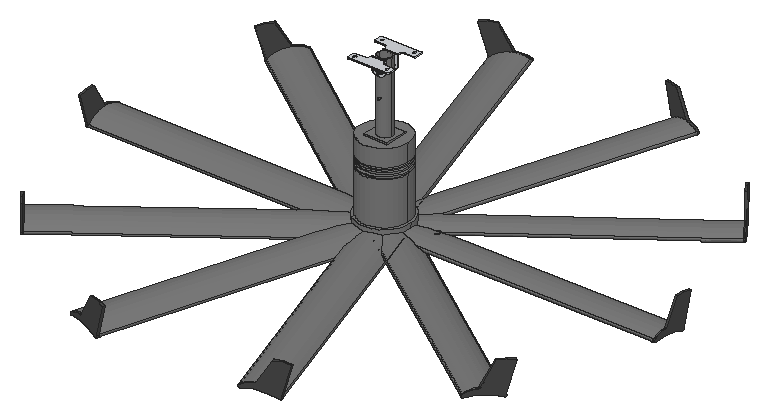
Revit family
Reference planes (in)
  plane 1 "Center (Front/Back)": y = 47.16387
  plane 2: z = 0
  plane 3 "Center (Left/Right)": x = 0.3554
Forms (in)
  Extrusion 1, solid, material "Metal - Chrome"
    sketch origin (0.35425, 47.19579, -78.64938) x (1, 0, 0) y (0, 1, 0)
      loop
        circle (0, 0) r 5
    from 50.92047 to 51.1388
  Extrusion 2, solid, material "Metal - Chrome"
    sketch origin (-3.77341, 14.66699, -76.17615) x (-0.007506, -0.999972, 0) y (0, 0, 1)
      loop
        arc (-29.27109, 49.75227) -> (-29.04889, 49.89467) -> (-29.10156, 50.15328) r 0.23339
        arc (-29.10156, 50.15328) -> (-31.98284, 51.54192) -> (-35.12337, 50.93595) r 5.08611
        arc (-35.12337, 50.93595) -> (-35.22188, 50.63788) -> (-34.93368, 50.51341) r 0.23249
        arc (-34.93368, 50.51341) -> (-32.0514, 50.51215) -> (-29.27109, 49.75227) r 10.85332
    from -1.94118 to 43.837
  Extrusion 3, solid, material "Metal - Chrome 3"
    sketch origin (-3.28942, 47.32128, -76.17615) x (0, -1, 0) y (0, 0, 1)
      loop
        arc (-0.39619, 51.5836) -> (-1.63533, 51.40841) -> (-2.79418, 50.93595) r 5.08611
        arc (-2.79418, 50.93595) -> (-2.89269, 50.63788) -> (-2.60449, 50.51341) r 0.23249
        arc (-2.60449, 50.51341) -> (0.27779, 50.51215) -> (3.0581, 49.75227) r 10.85332
        arc (3.0581, 49.75227) -> (3.26634, 49.89548) -> (3.23488, 50.14624) r 0.24312
        line (3.23488, 50.14624) -> (4.69143, 55.21166) -> (3.34126, 55.51993) -> (1.9565, 55.49912) -> (-0.39619, 51.5836)
    from 44.06682 to 44.38
  Extrusion 4, solid, material "Metal - Chrome"
    sketch origin (-22.07136, 23.26513, -76.17615) x (-0.592633, -0.805473, 0) y (0, 0, 1)
      loop
        arc (-29.27109, 49.75227) -> (-29.04889, 49.89467) -> (-29.10156, 50.15328) r 0.23339
        arc (-29.10156, 50.15328) -> (-31.98284, 51.54192) -> (-35.12337, 50.93595) r 5.08611
        arc (-35.12337, 50.93595) -> (-35.22188, 50.63788) -> (-34.93368, 50.51341) r 0.23249
        arc (-34.93368, 50.51341) -> (-32.0514, 50.51215) -> (-29.27109, 49.75227) r 10.85332
    from -1.94118 to 43.837
  Extrusion 5, solid, material "Metal - Chrome 3"
    sketch origin (-2.52535, 49.42789, -76.17615) x (-0.58657, -0.809898, 0) y (0, 0, 1)
      loop
        arc (-0.39619, 51.5836) -> (-1.63533, 51.40841) -> (-2.79418, 50.93595) r 5.08611
        arc (-2.79418, 50.93595) -> (-2.89269, 50.63788) -> (-2.60449, 50.51341) r 0.23249
        arc (-2.60449, 50.51341) -> (0.27779, 50.51215) -> (3.0581, 49.75227) r 10.85332
        arc (3.0581, 49.75227) -> (3.26634, 49.89548) -> (3.23488, 50.14624) r 0.24312
        line (3.23488, 50.14624) -> (4.69143, 55.21166) -> (3.34126, 55.51993) -> (1.9565, 55.49912) -> (-0.39619, 51.5836)
    from 44.06682 to 44.38
  Extrusion 6, solid, material "Metal - Chrome"
    sketch origin (-31.84743, 40.96178, -76.17615) x (-0.952439, -0.304731, 0) y (0, 0, 1)
      loop
        arc (-29.27109, 49.75227) -> (-29.04889, 49.89467) -> (-29.10156, 50.15328) r 0.23339
        arc (-29.10156, 50.15328) -> (-31.98284, 51.54192) -> (-35.12337, 50.93595) r 5.08611
        arc (-35.12337, 50.93595) -> (-35.22188, 50.63788) -> (-34.93368, 50.51341) r 0.23249
        arc (-34.93368, 50.51341) -> (-32.0514, 50.51215) -> (-29.27109, 49.75227) r 10.85332
    from -1.94118 to 43.837
  Extrusion 7, solid, material "Metal - Chrome 3"
    sketch origin (-0.67085, 50.68585, -76.17615) x (-0.950124, -0.311871, 0) y (0, 0, 1)
      loop
        arc (-0.39619, 51.5836) -> (-1.63533, 51.40841) -> (-2.79418, 50.93595) r 5.08611
        arc (-2.79418, 50.93595) -> (-2.89269, 50.63788) -> (-2.60449, 50.51341) r 0.23249
        arc (-2.60449, 50.51341) -> (0.27779, 50.51215) -> (3.0581, 49.75227) r 10.85332
        arc (3.0581, 49.75227) -> (3.26634, 49.89548) -> (3.23488, 50.14624) r 0.24312
        line (3.23488, 50.14624) -> (4.69143, 55.21166) -> (3.34126, 55.51993) -> (1.9565, 55.49912) -> (-0.39619, 51.5836)
    from 44.06682 to 44.38
  Extrusion 8, solid, material "Metal - Chrome"
    sketch origin (-29.38473, 61.02862, -76.17615) x (-0.950124, 0.311871, 0) y (0, 0, 1)
      loop
        arc (-29.27109, 49.75227) -> (-29.04889, 49.89467) -> (-29.10156, 50.15328) r 0.23339
        arc (-29.10156, 50.15328) -> (-31.98284, 51.54192) -> (-35.12337, 50.93595) r 5.08611
        arc (-35.12337, 50.93595) -> (-35.22188, 50.63788) -> (-34.93368, 50.51341) r 0.23249
        arc (-34.93368, 50.51341) -> (-32.0514, 50.51215) -> (-29.27109, 49.75227) r 10.85332
    from -1.94118 to 43.837
  Extrusion 9, solid, material "Metal - Chrome 3"
    sketch origin (1.56899, 50.61688, -76.17615) x (-0.952439, 0.304731, 0) y (0, 0, 1)
      loop
        arc (-0.39619, 51.5836) -> (-1.63533, 51.40841) -> (-2.79418, 50.93595) r 5.08611
        arc (-2.79418, 50.93595) -> (-2.89269, 50.63788) -> (-2.60449, 50.51341) r 0.23249
        arc (-2.60449, 50.51341) -> (0.27779, 50.51215) -> (3.0581, 49.75227) r 10.85332
        arc (3.0581, 49.75227) -> (3.26634, 49.89548) -> (3.23488, 50.14624) r 0.24312
        line (3.23488, 50.14624) -> (4.69143, 55.21166) -> (3.34126, 55.51993) -> (1.9565, 55.49912) -> (-0.39619, 51.5836)
    from 44.06682 to 44.38
  Extrusion 10, solid, material "Metal - Chrome"
    sketch origin (-15.61958, 75.83618, -76.17615) x (-0.58657, 0.809898, 0) y (0, 0, 1)
      loop
        arc (-29.27109, 49.75227) -> (-29.04889, 49.89467) -> (-29.10156, 50.15328) r 0.23339
        arc (-29.10156, 50.15328) -> (-31.98284, 51.54192) -> (-35.12337, 50.93595) r 5.08611
        arc (-35.12337, 50.93595) -> (-35.22188, 50.63788) -> (-34.93368, 50.51341) r 0.23249
        arc (-34.93368, 50.51341) -> (-32.0514, 50.51215) -> (-29.27109, 49.75227) r 10.85332
    from -1.94118 to 43.837
  Extrusion 11, solid, material "Metal - Chrome 3"
    sketch origin (3.34257, 49.2472, -76.17615) x (-0.592633, 0.805473, 0) y (0, 0, 1)
      loop
        arc (-0.39619, 51.5836) -> (-1.63533, 51.40841) -> (-2.79418, 50.93595) r 5.08611
        arc (-2.79418, 50.93595) -> (-2.89269, 50.63788) -> (-2.60449, 50.51341) r 0.23249
        arc (-2.60449, 50.51341) -> (0.27779, 50.51215) -> (3.0581, 49.75227) r 10.85332
        arc (3.0581, 49.75227) -> (3.26634, 49.89548) -> (3.23488, 50.14624) r 0.24312
        line (3.23488, 50.14624) -> (4.69143, 55.21166) -> (3.34126, 55.51993) -> (1.9565, 55.49912) -> (-0.39619, 51.5836)
    from 44.06682 to 44.38
  Extrusion 12, solid, material "Metal - Chrome"
    sketch origin (4.21446, 79.75457, -76.17615) x (0, 1, 0) y (0, 0, 1)
      loop
        arc (-29.27109, 49.75227) -> (-29.04889, 49.89467) -> (-29.10156, 50.15328) r 0.23339
        arc (-29.10156, 50.15328) -> (-31.98284, 51.54192) -> (-35.12337, 50.93595) r 5.08611
        arc (-35.12337, 50.93595) -> (-35.22188, 50.63788) -> (-34.93368, 50.51341) r 0.23249
        arc (-34.93368, 50.51341) -> (-32.0514, 50.51215) -> (-29.27109, 49.75227) r 10.85332
    from -1.94118 to 43.837
  Extrusion 13, solid, material "Metal - Chrome 3"
    sketch origin (3.97558, 47.09757, -76.17615) x (-0.007506, 0.999972, 0) y (0, 0, 1)
      loop
        arc (-0.39619, 51.5836) -> (-1.63533, 51.40841) -> (-2.79418, 50.93595) r 5.08611
        arc (-2.79418, 50.93595) -> (-2.89269, 50.63788) -> (-2.60449, 50.51341) r 0.23249
        arc (-2.60449, 50.51341) -> (0.27779, 50.51215) -> (3.0581, 49.75227) r 10.85332
        arc (3.0581, 49.75227) -> (3.26634, 49.89548) -> (3.23488, 50.14624) r 0.24312
        line (3.23488, 50.14624) -> (4.69143, 55.21166) -> (3.34126, 55.51993) -> (1.9565, 55.49912) -> (-0.39619, 51.5836)
    from 44.06682 to 44.38
  Extrusion 14, solid, material "Metal - Chrome"
    sketch origin (22.57643, 71.29401, -76.17615) x (0.58657, 0.809898, 0) y (0, 0, 1)
      loop
        arc (-29.27109, 49.75227) -> (-29.04889, 49.89467) -> (-29.10156, 50.15328) r 0.23339
        arc (-29.10156, 50.15328) -> (-31.98284, 51.54192) -> (-35.12337, 50.93595) r 5.08611
        arc (-35.12337, 50.93595) -> (-35.22188, 50.63788) -> (-34.93368, 50.51341) r 0.23249
        arc (-34.93368, 50.51341) -> (-32.0514, 50.51215) -> (-29.27109, 49.75227) r 10.85332
    from -1.94118 to 43.837
  Extrusion 15, solid, material "Metal - Chrome 3"
    sketch origin (3.22734, 44.98528, -76.17615) x (0.580475, 0.814278, 0) y (0, 0, 1)
      loop
        arc (-0.39619, 51.5836) -> (-1.63533, 51.40841) -> (-2.79418, 50.93595) r 5.08611
        arc (-2.79418, 50.93595) -> (-2.89269, 50.63788) -> (-2.60449, 50.51341) r 0.23249
        arc (-2.60449, 50.51341) -> (0.27779, 50.51215) -> (3.0581, 49.75227) r 10.85332
        arc (3.0581, 49.75227) -> (3.26634, 49.89548) -> (3.23488, 50.14624) r 0.24312
        line (3.23488, 50.14624) -> (4.69143, 55.21166) -> (3.34126, 55.51993) -> (1.9565, 55.49912) -> (-0.39619, 51.5836)
    from 44.06682 to 44.38
  Extrusion 16, solid, material "Metal - Chrome"
    sketch origin (32.48506, 53.67124, -76.17615) x (0.950124, 0.311871, 0) y (0, 0, 1)
      loop
        arc (-29.27109, 49.75227) -> (-29.04889, 49.89467) -> (-29.10156, 50.15328) r 0.23339
        arc (-29.10156, 50.15328) -> (-31.98284, 51.54192) -> (-35.12337, 50.93595) r 5.08611
        arc (-35.12337, 50.93595) -> (-35.22188, 50.63788) -> (-34.93368, 50.51341) r 0.23249
        arc (-34.93368, 50.51341) -> (-32.0514, 50.51215) -> (-29.27109, 49.75227) r 10.85332
    from -1.94118 to 43.837
  Extrusion 17, solid, material "Metal - Chrome 3"
    sketch origin (1.38234, 43.71343, -76.17615) x (0.947757, 0.318994, 0) y (0, 0, 1)
      loop
        arc (-0.39619, 51.5836) -> (-1.63533, 51.40841) -> (-2.79418, 50.93595) r 5.08611
        arc (-2.79418, 50.93595) -> (-2.89269, 50.63788) -> (-2.60449, 50.51341) r 0.23249
        arc (-2.60449, 50.51341) -> (0.27779, 50.51215) -> (3.0581, 49.75227) r 10.85332
        arc (3.0581, 49.75227) -> (3.26634, 49.89548) -> (3.23488, 50.14624) r 0.24312
        line (3.23488, 50.14624) -> (4.69143, 55.21166) -> (3.34126, 55.51993) -> (1.9565, 55.49912) -> (-0.39619, 51.5836)
    from 44.06682 to 44.38
  Extrusion 18, solid, material "Metal - Chrome"
    sketch origin (30.17304, 33.58648, -76.17615) x (0.952439, -0.304731, 0) y (0, 0, 1)
      loop
        arc (-29.27109, 49.75227) -> (-29.04889, 49.89467) -> (-29.10156, 50.15328) r 0.23339
        arc (-29.10156, 50.15328) -> (-31.98284, 51.54192) -> (-35.12337, 50.93595) r 5.08611
        arc (-35.12337, 50.93595) -> (-35.22188, 50.63788) -> (-34.93368, 50.51341) r 0.23249
        arc (-34.93368, 50.51341) -> (-32.0514, 50.51215) -> (-29.27109, 49.75227) r 10.85332
    from -1.94118 to 43.837
  Extrusion 19, solid, material "Metal - Chrome 3"
    sketch origin (-0.85795, 43.76559, -76.17615) x (0.954699, -0.297573, 0) y (0, 0, 1)
      loop
        arc (-0.39619, 51.5836) -> (-1.63533, 51.40841) -> (-2.79418, 50.93595) r 5.08611
        arc (-2.79418, 50.93595) -> (-2.89269, 50.63788) -> (-2.60449, 50.51341) r 0.23249
        arc (-2.60449, 50.51341) -> (0.27779, 50.51215) -> (3.0581, 49.75227) r 10.85332
        arc (3.0581, 49.75227) -> (3.26634, 49.89548) -> (3.23488, 50.14624) r 0.24312
        line (3.23488, 50.14624) -> (4.69143, 55.21166) -> (3.34126, 55.51993) -> (1.9565, 55.49912) -> (-0.39619, 51.5836)
    from 44.06682 to 44.38
  Extrusion 20, solid, material "Metal - Chrome"
    sketch origin (16.51942, 18.67602, -76.17615) x (0.592633, -0.805473, 0) y (0, 0, 1)
      loop
        arc (-29.27109, 49.75227) -> (-29.04889, 49.89467) -> (-29.10156, 50.15328) r 0.23339
        arc (-29.10156, 50.15328) -> (-31.98284, 51.54192) -> (-35.12337, 50.93595) r 5.08611
        arc (-35.12337, 50.93595) -> (-35.22188, 50.63788) -> (-34.93368, 50.51341) r 0.23249
        arc (-34.93368, 50.51341) -> (-32.0514, 50.51215) -> (-29.27109, 49.75227) r 10.85332
    from -1.94118 to 43.837
  Extrusion 21, solid, material "Metal - Chrome 3"
    sketch origin (-2.64177, 45.12192, -76.17615) x (0.598662, -0.801002, 0) y (0, 0, 1)
      loop
        arc (-0.39619, 51.5836) -> (-1.63533, 51.40841) -> (-2.79418, 50.93595) r 5.08611
        arc (-2.79418, 50.93595) -> (-2.89269, 50.63788) -> (-2.60449, 50.51341) r 0.23249
        arc (-2.60449, 50.51341) -> (0.27779, 50.51215) -> (3.0581, 49.75227) r 10.85332
        arc (3.0581, 49.75227) -> (3.26634, 49.89548) -> (3.23488, 50.14624) r 0.24312
        line (3.23488, 50.14624) -> (4.69143, 55.21166) -> (3.34126, 55.51993) -> (1.9565, 55.49912) -> (-0.39619, 51.5836)
    from 44.06682 to 44.38
  Extrusion 22, solid, material "Metal - Chrome"
    sketch origin (0.35425, 47.19579, -76.92047) x (1, 0, 0) y (0, 1, 0)
      loop
        circle (0, 0) r 4.5
    from 50.49659 to 52.92047
  Extrusion 23, solid, material "Metal - Chrome"
    sketch origin (0.35425, 47.19579, -74.49659) x (1, 0, 0) y (0, 1, 0)
      loop
        circle (0, 0) r 4
    from 50.49659 to 57.75621
  Extrusion 24, solid, material "Metal - Chrome"
    sketch origin (0.35425, 47.19579, -65.24659) x (1, 0, 0) y (0, 1, 0)
      loop
        circle (0, 0) r 4
    from 50.33806 to 53.24659
  Extrusion 25, solid, material "Metal - Chrome"
    sketch origin (0.35425, 47.19579, -66.91065) x (1, 0, 0) y (0, 1, 0)
      loop
        circle (0, 0) r 4
    from 51.5429 to 51.74659
  Extrusion 26, solid, material "Metal - Chrome"
    sketch origin (0.35425, 47.19579, -67.42828) x (1, 0, 0) y (0, 1, 0)
      loop
        circle (0, 0) r 4
    from 51.5429 to 51.74659
  Extrusion 27, solid, material "Metal - Chrome"
    sketch origin (0.35425, 47.19579, -68.05614) x (1, 0, 0) y (0, 1, 0)
      loop
        circle (0, 0) r 4
    from 51.5429 to 51.74659
  Extrusion 28, solid, material "Metal - Chrome"
    sketch origin (0.35425, 47.19579, -78.17555) x (1, 0, 0) y (0, 1, 0)
      loop
        circle (0, 0) r 5
    from 50.92047 to 51.1388
  Extrusion 29, solid, material "Metal - Chrome"
    sketch origin (0.35425, 47.19579, -77.67047) x (1, 0, 0) y (0, 1, 0)
      loop
        circle (0, 0) r 5
    from 50.92047 to 51.1388
  Extrusion 30, solid, material "Metal - Chrome 2", not visible
    sketch origin (-3.77341, 14.66699, 30.779) x (-0.007506, -0.999972, 0) y (0, 0, 1)
      loop
        arc (-29.27109, 49.75227) -> (-29.04889, 49.89467) -> (-29.10156, 50.15328) r 0.23339
        arc (-29.10156, 50.15328) -> (-31.98284, 51.54192) -> (-35.12337, 50.93595) r 5.08611
        arc (-35.12337, 50.93595) -> (-35.22188, 50.63788) -> (-34.93368, 50.51341) r 0.23249
        arc (-34.93368, 50.51341) -> (-32.0514, 50.51215) -> (-29.27109, 49.75227) r 10.85332
    from -1.94118 to 43.837
  Extrusion 31, solid, material "Metal - Chrome 3", not visible
    sketch origin (-3.28942, 47.32128, 30.779) x (0, -1, 0) y (0, 0, 1)
      loop
        arc (-0.39619, 51.5836) -> (-1.63533, 51.40841) -> (-2.79418, 50.93595) r 5.08611
        arc (-2.79418, 50.93595) -> (-2.89269, 50.63788) -> (-2.60449, 50.51341) r 0.23249
        arc (-2.60449, 50.51341) -> (0.27779, 50.51215) -> (3.0581, 49.75227) r 10.85332
        arc (3.0581, 49.75227) -> (3.26634, 49.89548) -> (3.23488, 50.14624) r 0.24312
        line (3.23488, 50.14624) -> (4.69143, 55.21166) -> (3.34126, 55.51993) -> (1.9565, 55.49912) -> (-0.39619, 51.5836)
    from 44.06682 to 44.38
  Extrusion 32, solid, material "Metal - Chrome"
    sketch origin (0.46954, 47.15093, -76.30115) x (1, 0, 0) y (0, 1, 0)
      loop
        circle (0, 0) r 1.20357
      loop
        circle (0, 0) r 1.09061
    from 64.30115 to 76.31051
  Extrusion 33, solid, material "Metal - Chrome"
    sketch origin (-23.68407, 54.34054, -88.09141) x (1, 0, 0) y (0, 1, 0)
      loop
        line (22.15322, -5.18961) -> (22.15322, -9.18961) -> (26.15322, -9.18961) -> (26.15322, -5.18961) -> (22.15322, -5.18961)
    from 76.13088 to 76.30115
  Extrusion 34, solid, material "Metal - Chrome"
    sketch origin (0.4711, 47.17272, -90.91954) x (1, 0, 0) y (0, 0, 1)
      loop
        circle (0, 89.91168) r 0.25
    from -1.42832 to 1.40559
  Extrusion 35, solid, material "Metal - Chrome"
    sketch origin (0.5022, 47.17272, -92.03835) x (1, 0, 0) y (0, 0, 1)
      loop
        circle (-0.00534, 89.94336) r 0.20777
    from -1.42832 to 1.40559
  Extrusion 36, solid, material "Metal - Chrome"
    sketch origin (0.5022, 47.17272, -95.91168) x (1, 0, 0) y (0, 0, 1)
      loop
        circle (0, 89.91168) r 0.12543
    from -1.42832 to 1.40559
  Extrusion 37, solid
    sketch origin (10.62881, 44.34674, -0.11955) x (1, 0, 0) y (0, 1, 0)
      loop
        line (-13.66711, 6.19604) -> (-13.66711, 5.19604)
        arc (-13.66711, 5.19604) -> (-13.59389, 5.01927) -> (-13.41711, 4.94604) r 0.25
        line (-13.41711, 4.94604) -> (-11.87711, 4.94604)
        arc (-11.87711, 4.94604) -> (-11.52356, 4.7996) -> (-11.37711, 4.44604) r 0.5
        line (-11.37711, 4.44604) -> (-11.37711, 4.13604) -> (-8.95711, 4.13604) -> (-8.95711, 4.44604)
        arc (-8.95711, 4.44604) -> (-8.81067, 4.7996) -> (-8.45711, 4.94604) r 0.5
        line (-8.45711, 4.94604) -> (-6.91711, 4.94604)
        arc (-6.91711, 4.94604) -> (-6.74034, 5.01927) -> (-6.66711, 5.19604) r 0.25
        line (-6.66711, 5.19604) -> (-6.66711, 6.19604)
        arc (-6.66711, 6.19604) -> (-6.74034, 6.37282) -> (-6.91711, 6.44604) r 0.25
        line (-6.91711, 6.44604) -> (-13.41711, 6.44604)
        arc (-13.41711, 6.44604) -> (-13.59389, 6.37282) -> (-13.66711, 6.19604) r 0.25
      loop
        circle (-12.91711, 5.69604) r 0.22
      loop
        circle (-7.41711, 5.69604) r 0.22
    from 0 to 0.12891
  Extrusion 38, solid
    sketch origin (11.17915, 48.48278, -1.64679) x (1, 0, 0) y (0, 0, 1)
      loop
        line (-11.92746, 1.65615) -> (-11.92746, -0.37927)
        arc (-11.92746, -0.37927) -> (-10.71746, -0.99276) -> (-9.50746, -0.37927) r 1.5
        line (-9.50746, -0.37927) -> (-9.50746, 1.65615) -> (-11.92746, 1.65615)
      loop
        circle (-10.71746, 0.63615) r 0.25
      loop
        arc (-11.33618, 0.01743) -> (-11.63265, 0.03326) -> (-11.67997, -0.25985) r 0.2221
        arc (-11.67997, -0.25985) -> (-10.71746, -0.67885) -> (-9.75495, -0.25985) r 1.315
        arc (-9.75495, -0.25985) -> (-9.80226, 0.03326) -> (-10.09874, 0.01743) r 0.2221
        arc (-10.09874, 0.01743) -> (-10.71746, -0.23885) -> (-11.33618, 0.01743) r 0.875
    from 0 to 0.12891
  Extrusion 39, solid
    sketch origin (10.62881, 49.98101, -0.11955) x (1, 0, 0) y (0, 1, 0)
      loop
        arc (-13.66711, -6.19604) -> (-13.59389, -6.37282) -> (-13.41711, -6.44604) r 0.25
        line (-13.41711, -6.44604) -> (-6.91711, -6.44604)
        arc (-6.91711, -6.44604) -> (-6.74034, -6.37282) -> (-6.66711, -6.19604) r 0.25
        line (-6.66711, -6.19604) -> (-6.66711, -5.19604)
        arc (-6.66711, -5.19604) -> (-6.74034, -5.01927) -> (-6.91711, -4.94604) r 0.25
        line (-6.91711, -4.94604) -> (-8.45711, -4.94604)
        arc (-8.45711, -4.94604) -> (-8.81067, -4.7996) -> (-8.95711, -4.44604) r 0.5
        line (-8.95711, -4.44604) -> (-8.95711, -4.13604) -> (-11.37711, -4.13604) -> (-11.37711, -4.44604)
        arc (-11.37711, -4.44604) -> (-11.52356, -4.7996) -> (-11.87711, -4.94604) r 0.5
        line (-11.87711, -4.94604) -> (-13.41711, -4.94604)
        arc (-13.41711, -4.94604) -> (-13.59389, -5.01927) -> (-13.66711, -5.19604) r 0.25
        line (-13.66711, -5.19604) -> (-13.66711, -6.19604)
      loop
        circle (-12.91711, -5.69604) r 0.22
      loop
        circle (-7.41711, -5.69604) r 0.22
    from 0 to 0.12891
  Extrusion 40, solid
    sketch origin (11.17915, 45.84497, -1.64679) x (1, 0, 0) y (0, 0, -1)
      loop
        line (-11.92746, -1.65615) -> (-9.50746, -1.65615) -> (-9.50746, 0.37927)
        arc (-9.50746, 0.37927) -> (-10.71746, 0.99276) -> (-11.92746, 0.37927) r 1.5
        line (-11.92746, 0.37927) -> (-11.92746, -1.65615)
      loop
        circle (-10.71746, -0.63615) r 0.25
      loop
        arc (-11.33618, -0.01743) -> (-10.71746, 0.23885) -> (-10.09874, -0.01743) r 0.875
        arc (-10.09874, -0.01743) -> (-9.80226, -0.03326) -> (-9.75495, 0.25985) r 0.2221
        arc (-9.75495, 0.25985) -> (-10.71746, 0.67885) -> (-11.67997, 0.25985) r 1.315
        arc (-11.67997, 0.25985) -> (-11.63265, -0.03326) -> (-11.33618, -0.01743) r 0.2221
    from 0 to 0.12891
  Extrusion 41, solid, not visible
    sketch origin (0, 55.86567, -0.12891) x (1, 0, 0) y (0, 1, 0)
      loop
        line (-13.66711, 6.19604) -> (-13.66711, 5.19604)
        arc (-13.66711, 5.19604) -> (-13.59389, 5.01927) -> (-13.41711, 4.94604) r 0.25
        line (-13.41711, 4.94604) -> (-11.87711, 4.94604)
        arc (-11.87711, 4.94604) -> (-11.52356, 4.7996) -> (-11.37711, 4.44604) r 0.5
        line (-11.37711, 4.44604) -> (-11.37711, 4.13604) -> (-8.95711, 4.13604) -> (-8.95711, 4.44604)
        arc (-8.95711, 4.44604) -> (-8.81067, 4.7996) -> (-8.45711, 4.94604) r 0.5
        line (-8.45711, 4.94604) -> (-6.91711, 4.94604)
        arc (-6.91711, 4.94604) -> (-6.74034, 5.01927) -> (-6.66711, 5.19604) r 0.25
        line (-6.66711, 5.19604) -> (-6.66711, 6.19604)
        arc (-6.66711, 6.19604) -> (-6.74034, 6.37282) -> (-6.91711, 6.44604) r 0.25
        line (-6.91711, 6.44604) -> (-13.41711, 6.44604)
        arc (-13.41711, 6.44604) -> (-13.59389, 6.37282) -> (-13.66711, 6.19604) r 0.25
      loop
        circle (-12.91711, 5.69604) r 0.22
      loop
        circle (-7.41711, 5.69604) r 0.22
    from 0 to 0.12891
  Extrusion 42, solid, not visible
    sketch origin (0.55034, 60.00172, -1.65615) x (1, 0, 0) y (0, 0, 1)
      loop
        line (-11.92746, 1.65615) -> (-11.92746, -0.37927)
        arc (-11.92746, -0.37927) -> (-10.71746, -0.99276) -> (-9.50746, -0.37927) r 1.5
        line (-9.50746, -0.37927) -> (-9.50746, 1.65615) -> (-11.92746, 1.65615)
      loop
        circle (-10.71746, 0.63615) r 0.25
      loop
        arc (-11.33618, 0.01743) -> (-11.63265, 0.03326) -> (-11.67997, -0.25985) r 0.2221
        arc (-11.67997, -0.25985) -> (-10.71746, -0.67885) -> (-9.75495, -0.25985) r 1.315
        arc (-9.75495, -0.25985) -> (-9.80226, 0.03326) -> (-10.09874, 0.01743) r 0.2221
        arc (-10.09874, 0.01743) -> (-10.71746, -0.23885) -> (-11.33618, 0.01743) r 0.875
    from 0 to 0.12891
  Extrusion 43, solid, not visible
    sketch origin (0, 61.49995, -0.12891) x (1, 0, 0) y (0, 1, 0)
      loop
        arc (-13.66711, -6.19604) -> (-13.59389, -6.37282) -> (-13.41711, -6.44604) r 0.25
        line (-13.41711, -6.44604) -> (-6.91711, -6.44604)
        arc (-6.91711, -6.44604) -> (-6.74034, -6.37282) -> (-6.66711, -6.19604) r 0.25
        line (-6.66711, -6.19604) -> (-6.66711, -5.19604)
        arc (-6.66711, -5.19604) -> (-6.74034, -5.01927) -> (-6.91711, -4.94604) r 0.25
        line (-6.91711, -4.94604) -> (-8.45711, -4.94604)
        arc (-8.45711, -4.94604) -> (-8.81067, -4.7996) -> (-8.95711, -4.44604) r 0.5
        line (-8.95711, -4.44604) -> (-8.95711, -4.13604) -> (-11.37711, -4.13604) -> (-11.37711, -4.44604)
        arc (-11.37711, -4.44604) -> (-11.52356, -4.7996) -> (-11.87711, -4.94604) r 0.5
        line (-11.87711, -4.94604) -> (-13.41711, -4.94604)
        arc (-13.41711, -4.94604) -> (-13.59389, -5.01927) -> (-13.66711, -5.19604) r 0.25
        line (-13.66711, -5.19604) -> (-13.66711, -6.19604)
      loop
        circle (-12.91711, -5.69604) r 0.22
      loop
        circle (-7.41711, -5.69604) r 0.22
    from 0 to 0.12891
  Extrusion 44, solid, not visible
    sketch origin (0.55034, 57.36391, -1.65615) x (1, 0, 0) y (0, 0, -1)
      loop
        line (-11.92746, -1.65615) -> (-9.50746, -1.65615) -> (-9.50746, 0.37927)
        arc (-9.50746, 0.37927) -> (-10.71746, 0.99276) -> (-11.92746, 0.37927) r 1.5
        line (-11.92746, 0.37927) -> (-11.92746, -1.65615)
      loop
        circle (-10.71746, -0.63615) r 0.25
      loop
        arc (-11.33618, -0.01743) -> (-10.71746, 0.23885) -> (-10.09874, -0.01743) r 0.875
        arc (-10.09874, -0.01743) -> (-9.80226, -0.03326) -> (-9.75495, 0.25985) r 0.2221
        arc (-9.75495, 0.25985) -> (-10.71746, 0.67885) -> (-11.67997, 0.25985) r 1.315
        arc (-11.67997, 0.25985) -> (-11.63265, -0.03326) -> (-11.33618, -0.01743) r 0.2221
    from 0 to 0.12891
Dimensions and locks (in)
  aligned and locked: plane 2 to level
Connectors (in)
  electrical at (0.46954, 47.15093, 0.00936)
    settings: on Extrusion 32, index 1, voltage 0 V, apparent load 0 VA, apparent load phase1 0 VA, apparent load phase2 0 VA, apparent load phase3 0 VA, power factor 1, load classification "Other", number of poles 1, system type 31, power factor state 1, is connector primary yes, connector utility no, sub classification motor no, connector description ""
